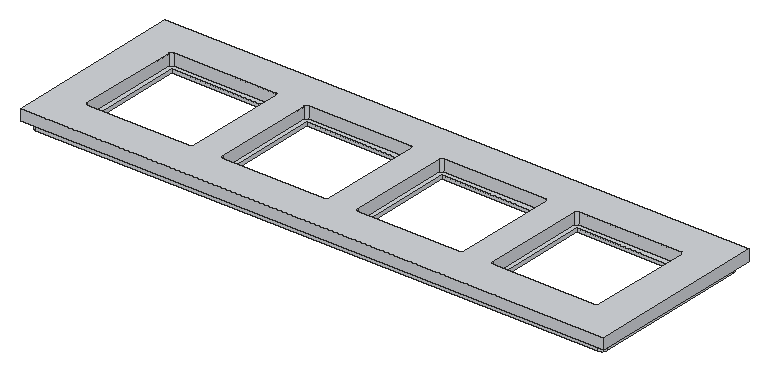
Revit family "Gira_021417", category Electrical Fixtures, host Face, Revit 2017
Family settings
  Host = Face
  Maintain Annotation Orientation = No
  Round Connector Dimension = Use Diameter
  Part Type = Normal
  Cut with Voids When Loaded = No
  Shared = No
  Room Calculation Point = No
Parameters (values of type "Cov.fr. 4-g Gira Esprit alum.")
  With mounting grid = "No"
  With hinged lid = "No"
  URL = "http://katalog.gira.de/en/datenblatt.html?artikelnr=021417"
  Type of fastening = "Clamp mounting"
  Transparent = "No"
  Surface protection = "Other"
  Suitable for wall duct = "No"
  Suitable for flush-mounted installation = "Yes"
  Suitable for floor box = "No"
  Suitable for built-in installation = "No"
  Number of units vertical = "4"
  Number of units horizontal = "4"
  Number of units = "4"
  Name = "Cov.fr. 4-g Gira Esprit alum."
  Mounting direction = "Horizontal and vertical"
  Material quality = "Aluminium"
  Material = "Metal"
  Manufacturer URL = "https://www.gira.de/"
  Manufacturer = "Gira"
  Label space/information surface = "No"
  Keynote = ""
  HeinzeBIM = "https://bimportal.heinze.de/bim/cov-fr-4-g-gira-esprit-alum-/91322f81d5ed2be608e2521b4cd4ce1b5cfe2066"
  Halogen free = "No"
  HAN = "021417"
  GTIN = "4010337214175"
  Description = "Cov.fr.4g Espr. AL,Gira Esprit cover frame,Aluminium,4-gang,Features:,- Anodised aluminium E 1 EV 1."
  Degree of protection (IP) = "IP20"
  Default Elevation = 1219.2 mm
  Data sheet (1) = "https://katalog.gira.de/en/download.html?artikelnr=021417"
  Colour = "Aluminium"
  Category = "Cover frame for domestic switching devices"
  BIM (1) = "https://media.stage.bim.site/public/gira/36a6b08/Espr._Rahmen_4fach.rfa"
  Available = "No"
Reference planes
  plane 1 "Center (Front/Back)": y = 0
  plane 2: z = 0
  plane 3 "Center (Left/Right)": x = 0
Forms (mm)
  Extrusion 1, solid, detail levels fine
    sketch origin (0, 0, 0) x (1, 0, 0) y (0, 1, 0)
      loop
        line (-154, 47.5) -> (-154, -47.5) -> (154, -47.5) -> (154, 47.5) -> (-154, 47.5)
      loop
        arc (-135.25, -26.8) -> (-134.811, -27.861) -> (-133.75, -28.3) r 1.5
        line (-133.75, -28.3) -> (-80.15, -28.3)
        arc (-80.15, -28.3) -> (-79.089, -27.861) -> (-78.65, -26.8) r 1.5
        line (-78.65, -26.8) -> (-78.65, 26.8)
        arc (-78.65, 26.8) -> (-79.089, 27.861) -> (-80.15, 28.3) r 1.5
        line (-80.15, 28.3) -> (-133.75, 28.3)
        arc (-133.75, 28.3) -> (-134.811, 27.861) -> (-135.25, 26.8) r 1.5
        line (-135.25, 26.8) -> (-135.25, -26.8)
      loop
        arc (-63.95, -26.8) -> (-63.511, -27.861) -> (-62.45, -28.3) r 1.5
        line (-62.45, -28.3) -> (-8.85, -28.3)
        arc (-8.85, -28.3) -> (-7.789, -27.861) -> (-7.35, -26.8) r 1.5
        line (-7.35, -26.8) -> (-7.35, 26.8)
        arc (-7.35, 26.8) -> (-7.789, 27.861) -> (-8.85, 28.3) r 1.5
        line (-8.85, 28.3) -> (-62.45, 28.3)
        arc (-62.45, 28.3) -> (-63.511, 27.861) -> (-63.95, 26.8) r 1.5
        line (-63.95, 26.8) -> (-63.95, -26.8)
      loop
        arc (7.35, -26.8) -> (7.789, -27.861) -> (8.85, -28.3) r 1.5
        line (8.85, -28.3) -> (62.45, -28.3)
        arc (62.45, -28.3) -> (63.511, -27.861) -> (63.95, -26.8) r 1.5
        line (63.95, -26.8) -> (63.95, 26.8)
        arc (63.95, 26.8) -> (63.511, 27.861) -> (62.45, 28.3) r 1.5
        line (62.45, 28.3) -> (8.85, 28.3)
        arc (8.85, 28.3) -> (7.789, 27.861) -> (7.35, 26.8) r 1.5
        line (7.35, 26.8) -> (7.35, -26.8)
      loop
        arc (78.65, -26.8) -> (79.089, -27.861) -> (80.15, -28.3) r 1.5
        line (80.15, -28.3) -> (133.75, -28.3)
        arc (133.75, -28.3) -> (134.811, -27.861) -> (135.25, -26.8) r 1.5
        line (135.25, -26.8) -> (135.25, 26.8)
        arc (135.25, 26.8) -> (134.811, 27.861) -> (133.75, 28.3) r 1.5
        line (133.75, 28.3) -> (80.15, 28.3)
        arc (80.15, 28.3) -> (79.089, 27.861) -> (78.65, 26.8) r 1.5
        line (78.65, 26.8) -> (78.65, -26.8)
    from 0 to 6
  Extrusion 2, solid, detail levels fine
    sketch origin (0, 0, 0) x (1, 0, 0) y (0, 1, 0)
      loop
        line (-132.85, -25.7) -> (-81.05, -25.7) -> (-81.05, 25.7) -> (-132.85, 25.7) -> (-132.85, -25.7)
      loop
        line (61.55, 25.7) -> (9.75, 25.7) -> (9.75, -25.7) -> (61.55, -25.7) -> (61.55, 25.7)
      loop
        arc (-149.85, -41.4) -> (-149.323, -42.673) -> (-148.05, -43.2) r 1.8
        line (-148.05, -43.2) -> (148.05, -43.2)
        arc (148.05, -43.2) -> (149.323, -42.673) -> (149.85, -41.4) r 1.8
        line (149.85, -41.4) -> (149.85, 41.4)
        arc (149.85, 41.4) -> (149.323, 42.673) -> (148.05, 43.2) r 1.8
        line (148.05, 43.2) -> (-148.05, 43.2)
        arc (-148.05, 43.2) -> (-149.323, 42.673) -> (-149.85, 41.4) r 1.8
        line (-149.85, 41.4) -> (-149.85, -41.4)
      loop
        line (-9.75, 25.7) -> (-61.55, 25.7) -> (-61.55, -25.7) -> (-9.75, -25.7) -> (-9.75, 25.7)
      loop
        line (132.85, 25.7) -> (81.05, 25.7) -> (81.05, -25.7) -> (132.85, -25.7) -> (132.85, 25.7)
    from -1.9 to 0
  Extrusion 3, solid, detail levels fine
    sketch origin (0, 0, 0) x (1, 0, 0) y (0, 1, 0)
      loop
        arc (-148.05, 44.4) -> (-150.171, 43.521) -> (-151.05, 41.4) r 3
        line (-151.05, 41.4) -> (-151.05, -41.4)
        arc (-151.05, -41.4) -> (-150.171, -43.521) -> (-148.05, -44.4) r 3
        line (-148.05, -44.4) -> (148.05, -44.4)
        arc (148.05, -44.4) -> (150.171, -43.521) -> (151.05, -41.4) r 3
        line (151.05, -41.4) -> (151.05, 41.4)
        arc (151.05, 41.4) -> (150.171, 43.521) -> (148.05, 44.4) r 3
        line (148.05, 44.4) -> (-148.05, 44.4)
      loop
        arc (-149.85, -41.4) -> (-149.323, -42.673) -> (-148.05, -43.2) r 1.8
        line (-148.05, -43.2) -> (148.05, -43.2)
        arc (148.05, -43.2) -> (149.323, -42.673) -> (149.85, -41.4) r 1.8
        line (149.85, -41.4) -> (149.85, 41.4)
        arc (149.85, 41.4) -> (149.323, 42.673) -> (148.05, 43.2) r 1.8
        line (148.05, 43.2) -> (-148.05, 43.2)
        arc (-148.05, 43.2) -> (-149.323, 42.673) -> (-149.85, 41.4) r 1.8
        line (-149.85, 41.4) -> (-149.85, -41.4)
    from -3.7 to 0
  Extrusion 4, solid, detail levels medium
    sketch origin (0, 0, 0) x (1, 0, 0) y (0, 1, 0)
      loop
        line (-154, 47.5) -> (-154, -47.5) -> (154, -47.5) -> (154, 47.5) -> (-154, 47.5)
    from 0 to 6
  Extrusion 5, solid, detail levels medium
    sketch origin (0, 0, 0) x (1, 0, 0) y (0, 1, 0)
      loop
        line (-154, 44.4) -> (-154, -44.4) -> (154, -44.4) -> (154, 44.4) -> (-154, 44.4)
    from -3.7 to 0
  Extrusion 6, solid, detail levels coarse
    sketch origin (0, 0, 0) x (1, 0, 0) y (0, 1, 0)
      loop
        line (-154, 47.5) -> (-154, -47.5) -> (154, -47.5) -> (154, 47.5) -> (-154, 47.5)
    from -3.7 to 6
Dimensions and locks
  aligned and locked: plane 2 to host face
  aligned and locked: level to host face
